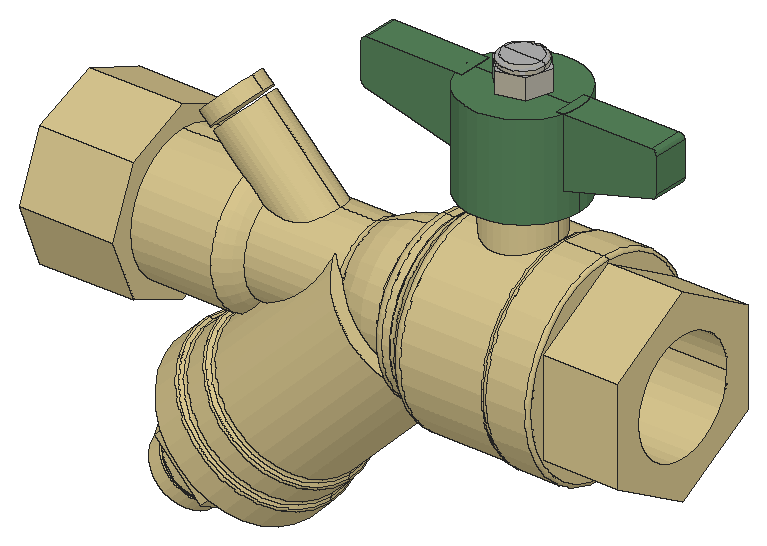
Revit family "QD36380000", category Apparecchi idraulici, Revit 2020
Family settings
  Quota connettore circolare = Usa diametro
  Tipo di parte = Normale
  Numero OmniClass = 23.45.00.00
  Titolo OmniClass = Sanitary, Laundry, and Cleaning Equipment
  Basato su piano di lavoro = No
  Sempre verticale = Sì
  Taglio con vuoti quando caricato = No
  Condiviso = No
  Punto di calcolo locali = No
Parameters
  URL = "https://web.cimberio.it/index.php/figura/1689?subcategoria_id=89"
  Temperatura di esercizio = "-20 ÷ 90°C"
  Prospetto di default = 0 mm
  Produttore = "CIMBERIO SPA"
  Pressione nominale = "PN 20"
  Modello = "Cim 625CRNL/5"
  Materiale = "Prodotto in lega di ottone conforme alla norma EN 12165-CW511L-DW nelle misure fino a 1\"1/4 e in lega di ottone conforme alla norma EN 1982-CC752S low lead nelle misure da 1\"1/2 a 2\""
  Descrizione = "Utilizzato nei più svariati settori dell'impiantistica: reti di distribuzione acqua potabile, impianti di riscaldamento, condizionamento, igienico-sanitari e in generale con ogni fluido non corrosivo"
  DN Model [instance] = QD36381032 : QD36381032
  DN [instance] = 32 mm
  Commenti sul tipo = "Realizzato in ottemperanza ai requisiti gestionali della norma EN ISO 9001.\r\nCollaudato al 100% secondo la normativa EN 12266-1"
Reference planes
  plane 1 "Centro (Fronte/Retro)": y = 0
  plane 2: z = 0
  plane 3 "Centro (Sinistra/Destra)": x = 0
Dimensions and locks
  aligned and locked: level to plane 2
Nested families
  nested 1: "QD36381032" at (0, 0, 0), type <- "DN Model", type "QD36381032"
    with DN 10 mm
  nested 2: "QD36381032" at (0, 0, 0), type <- "DN Model", type "QD36381032"
    with DN 10 mm
  nested 3: "QD36381032" at (0, 0, 0), type <- "DN Model", type "QD36381032"
    with DN 10 mm
  nested 4: "QD36381032" at (0, 0, 0), type <- "DN Model", type "QD36381032"
    with DN 10 mm
  nested 5: "QD36381032" at (0, 0, 0), type <- "DN Model", type "QD36381032"
    with DN 10 mm
  nested 6: "QD36381032" at (0, 0, 0), type <- "DN Model", type "QD36381032"
    with DN 10 mm
  nested 7: "QD36381032" at (0, 0, 0), type <- "DN Model", type "QD36381032"
    with DN 10 mm
  nested 8: "QD36381032" at (0, 0, 0), type <- "DN Model", type "QD36381032"
    with DN 10 mm
  nested 9: "QD36381032" at (0, 0, 0), type <- "DN Model", type "QD36381032"
    with DN 10 mm
  nested 10: "QD36381032" at (0, 0, 0), type <- "DN Model", type "QD36381032"
    with DN 10 mm
  nested 11: "QD36381032" at (0, 0, 0), type <- "DN Model", type "QD36381032"
    with DN 10 mm
  nested 12: "QD36381032" at (0, 0, 0), type <- "DN Model", type "QD36381032"
    with DN 10 mm
  nested 13: "QD36381032" at (0, 0, 0), type <- "DN Model", type "QD36381032"
    with DN 10 mm
  nested 14: "QD36381032" at (0, 0, 0), type <- "DN Model", type "QD36381032"
    with DN 10 mm
  nested 15: "QD36381032" at (0, 0, 0), type <- "DN Model", type "QD36381032"
    with DN 10 mm
  nested 16: "QD36381032" at (0, 0, 0), type <- "DN Model", type "QD36381032"
    with DN 10 mm
  nested 17: "QD36381032" at (0, 0, 0), type <- "DN Model", type "QD36381032"
    with DN 10 mm
  nested 18: "QD36381032" at (0, 0, 0), type <- "DN Model", type "QD36381032"
    with DN 10 mm
Connectors
  piping at (45.923, 0, 0), diameter 32, driven by "DN"
    settings: on nested 1, index 1, connector inside diameter 609.6 mm, connector length 0 mm, flow factor 0, pipe flow 0.0 L/s, pressure drop 0.0 Pa, fitting loss kfactor 0, connector angle 0.00°, fixture units 0, engagement length 0 mm, angle of deflection 0.00°, flow configuration 0, flow direction 0, fitting loss method 0, system type 7, joint type 0, gender type 0, connector reference index -1, connector utility 0, adjustable connector no, is connector primary yes, connector description ""
  piping at (-124.5, 0, 0), diameter 32, driven by "DN"
    settings: on nested 1, index 2, connector inside diameter 609.6 mm, connector length 0 mm, flow factor 0, pipe flow 0.0 L/s, pressure drop 0.0 Pa, fitting loss kfactor 0, connector angle 0.00°, fixture units 0, engagement length 0 mm, angle of deflection 0.00°, flow configuration 0, flow direction 0, fitting loss method 0, system type 7, joint type 0, gender type 0, connector reference index -1, connector utility 0, adjustable connector no, is connector primary no, connector description ""
Definition of nested family "QD36381032"
  Parameters (values of type "QD36381032")
    Default Elevation = 0 mm
    DN [instance] = 10 mm  # constant formula
  Reference planes
    plane 1 "Centro (Fronte/Retro)": y = 0
    plane 2: z = 0
    plane 3 "Centro (Sinistra/Destra)": x = 0
  Forms (mm)
    Revolve 1, solid
      sketch origin (0, 0, 20.284) x (1, 0, 0) y (0, 0, 1)
        loop
          line (0, 52.016) -> (0, 50.016) -> (6.323, 50.016) -> (6.323, 51.016)
          arc (6.323, 51.016) -> (6.03, 51.723) -> (5.323, 52.016) r 1
          line (5.323, 52.016) -> (0, 52.016)
        axis (0, 52.016) -> (0, 50.016)
      angle from 0 to 360
    Revolve 2, solid
      sketch origin (0, 0, 0) x (1, 0, 0) y (0, 0, 1)
        loop
          arc (23.35, -28.5) -> (24.057, -28.207) -> (24.35, -27.5) r 1
          line (24.35, -27.5) -> (24.35, -16) -> (-19.536, -16) -> (-19.536, -23.5)
          arc (-19.536, -23.5) -> (-18.579, -23.69) -> (-17.768, -24.232) r 2.5
          line (-17.768, -24.232) -> (-15.129, -26.871)
          arc (-15.129, -26.871) -> (-14.155, -27.522) -> (-13.007, -27.75) r 3
          line (-13.007, -27.75) -> (10.198, -27.75)
          arc (10.198, -27.75) -> (10.728, -27.847) -> (11.19, -28.125) r 1.5
          arc (11.19, -28.125) -> (11.652, -28.403) -> (12.182, -28.5) r 1.5
          line (12.182, -28.5) -> (23.35, -28.5)
        axis (24.35, 0) -> (-19.536, 0)
      angle from 0 to 360
    Revolve 3, solid
      sketch origin (0, 0, 0) x (1, 0, 0) y (0, 0, 1)
        loop
          line (-19.536, 23.5) -> (-21.751, 23.5)
          arc (-21.751, 23.5) -> (-23.759, 22.729) -> (-24.736, 20.812) r 3.001
          arc (-24.736, 20.812) -> (-25.386, 19.527) -> (-26.726, 19) r 2.024
          arc (-26.726, 19) -> (-33.933, 17.935) -> (-40.592, 14.982) r 26.995
          arc (-40.592, 14.982) -> (-41.376, 14.632) -> (-42.223, 14.5) r 3.243
          line (-42.223, 14.5) -> (-68.686, 14.5)
          arc (-68.686, 14.5) -> (-71.302, 17.084) -> (-74.44, 19) r 15.943
          line (-74.44, 19) -> (-97.652, 19) -> (-97.652, 12) -> (-19.536, 12) -> (-19.536, 23.5)
        axis (-97.652, 0) -> (-19.536, 0)
      angle from 0 to 360
    Extrusion 4, solid
      sketch origin (-11, 0, 0) x (0, 0, 1) y (0, 1, 0)
        loop
          circle (0, 0) r 16
        loop
          line (25, 0) -> (17.678, 17.678) -> (0, 25) -> (-17.678, 17.678) -> (-25, 0) -> (-17.678, -17.678) -> (0, -25) -> (17.678, -17.678) -> (25, 0)
      from 86.652 to 113.5
    Extrusion 5, solid
      sketch origin (66.912, 0, 0) x (0, 0, 1) y (0, 1, 0)
        loop
          circle (0, 0) r 16
        loop
          line (27, 0) -> (13.5, 23.383) -> (-13.5, 23.383) -> (-27, 0) -> (-13.5, -23.383) -> (13.5, -23.383) -> (27, 0)
      from 20.989 to 42.562
    Revolve 6, solid
      sketch origin (0, 0, 4.062) x (1, 0, 0) y (0, 0, 1)
        loop
          line (0, 43.264) -> (0, 20.384) -> (10.25, 20.384) -> (10.25, 43.264) -> (0, 43.264)
        axis (0, 43.264) -> (0, 20.384)
      angle from 0 to 360
    Extrusion 7, solid
      sketch origin (0, 0, 4.062) x (1, 0, 0) y (0, 0, 1)
        loop
          line (-8.5, 38.245) -> (-16, 38.245) -> (-16, 10.666) -> (-8.5, 10.666) -> (-8.5, 38.245)
      from -1.851 to 0
    Revolve 8, solid
      sketch origin (0, 0, 0) x (1, 0, 0) y (0, 0, 1)
        loop
          line (-79.781, 29.781) -> (-56.605, 6.605) -> (-50.595, 12.616) -> (-73.77, 35.791) -> (-79.781, 29.781)
        axis (-79.781, 29.781) -> (-56.605, 6.605)
      angle from 0 to 360
    Revolve 9, solid
      sketch origin (0, 0, 0) x (1, 0, 0) y (0, 0, 1)
        loop
          line (-78.912, -50.912) -> (-61.234, -68.589) -> (-55.469, -62.824)
          arc (-55.469, -62.824) -> (-55.242, -62.474) -> (-55.176, -62.061) r 1.005
          line (-55.176, -62.061) -> (-55.176, -61.032)
          arc (-55.176, -61.032) -> (-55.062, -60.458) -> (-54.737, -59.971) r 1.5
          line (-54.737, -59.971) -> (-50.166, -55.4)
          arc (-50.166, -55.4) -> (-49.946, -55.067) -> (-49.873, -54.675) r 1.001
          line (-49.873, -54.675) -> (-49.873, -53.607)
          arc (-49.873, -53.607) -> (-49.759, -53.033) -> (-49.434, -52.546) r 1.5
          line (-49.434, -52.546) -> (-16.248, -19.361) -> (-31.804, -3.804) -> (-78.912, -50.912)
        axis (-78.912, -50.912) -> (-31.804, -3.804)
      angle from 0 to 360
    Extrusion 10, solid
      sketch origin (-78.912, 0, -50.912) x (0, 1, 0) y (0.707107, 0, -0.707107)
        loop
          line (0, -18.95) -> (16.411, -9.475) -> (16.411, 9.475) -> (0, 18.95) -> (-16.411, 9.475) -> (-16.411, -9.475) -> (0, -18.95)
      from 0 to 10
    Revolve 11, solid
      sketch origin (0, 0, 0) x (1, 0, 0) y (0, 0, 1)
        loop
          line (-93.054, -65.054) -> (-86.336, -71.771)
          arc (-86.336, -71.771) -> (-85.638, -72.064) -> (-84.934, -71.784) r 1
          line (-84.934, -71.784) -> (-79.154, -66.201)
          arc (-79.154, -66.201) -> (-78.45, -65.921) -> (-77.752, -66.214) r 1
          line (-77.752, -66.214) -> (-85.983, -57.983) -> (-93.054, -65.054)
        axis (-93.054, -65.054) -> (-85.983, -57.983)
      angle from 0 to 360
    Extrusion 12, solid
      sketch origin (-79.781, 0, 29.781) x (0.707107, 0, 0.707107) y (0, 1, 0)
        loop
          circle (0, 0) r 8.5
      from 1.116 to 5.5
    Revolve 13, solid
      sketch origin (0, 0, 0) x (1, 0, 0) y (0, 0, 1)
        loop
          line (0, 44.3) -> (1.673, 44.3) -> (1.673, 37.3) -> (16.228, 37.3) -> (16.228, 64.3) -> (0, 64.3) -> (0, 44.3)
        axis (0, 64.3) -> (0, 37.3)
      angle from 0 to 360
    Extrusion 14, solid
      sketch origin (0, 0, 0) x (1, 0, 0) y (0, 0, 1)
        loop
          line (-13.645, 44.534) -> (-13.645, 64.3) -> (-40.927, 64.3)
          arc (-40.927, 64.3) -> (-41.988, 63.861) -> (-42.427, 62.8) r 1.5
          line (-42.427, 62.8) -> (-42.427, 52.951)
          arc (-42.427, 52.951) -> (-42.117, 52.038) -> (-41.315, 51.502) r 1.5
          line (-41.315, 51.502) -> (-15.31, 44.534) -> (-13.645, 44.534)
        loop
          line (13.645, 44.534) -> (15.31, 44.534) -> (41.315, 51.502)
          arc (41.315, 51.502) -> (42.117, 52.038) -> (42.427, 52.951) r 1.5
          line (42.427, 52.951) -> (42.427, 62.8)
          arc (42.427, 62.8) -> (41.988, 63.861) -> (40.927, 64.3) r 1.5
          line (40.927, 64.3) -> (13.645, 64.3) -> (13.645, 44.534)
      from -5.014 to 4.986
    Extrusion 15, solid
      sketch origin (0, 0, 28.55) x (1, 0, 0) y (0, 1, 0)
        loop
          line (7.319, 1.69) -> (2.196, 7.183) -> (-5.123, 5.494) -> (-7.319, -1.69) -> (-2.196, -7.183) -> (5.123, -5.494) -> (7.319, 1.69)
      from 35.75 to 41.75
    Extrusion 16, solid
      sketch origin (-92.343, 0, -64.173) x (-0.707107, 0, 0.707107) y (0, 1, 0)
        loop
          circle (0, 0) r 10.5
      from 1.116 to 5.5
  Dimensions and locks
    aligned and locked: level to plane 2
